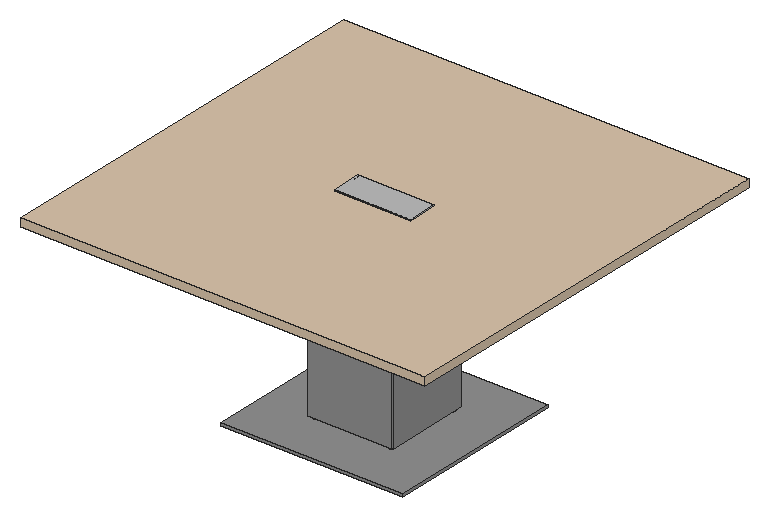
Revit family "Haworth_Planes_ColumnBaseConferenceTable_Square", category Furniture Systems, Revit 2018
Family settings
  Round Connector Dimension = Use Diameter
  Part Type = Normal
  OmniClass Number = 23.40.70.14.64.21
  OmniClass Title = Systems Furniture
  Work Plane-Based = No
  Always vertical = Yes
  Cut with Voids When Loaded = No
  Shared = No
  Room Calculation Point = No
Parameters (values of type "60d 60w 29h")
  Worksurface Finish [instance] = Haworth _ Laminate _ Maple H-AE
  Worksurface Edge Finish [instance] = Haworth _ Laminate _ Maple H-AE
  Width = 60"
  Warranty = "https://www.haworth.com/resources/product-info/warranties"
  URL - Product = "https://www.haworth.com/products/tables/conference/planes"
  Sustainability Info = "https://www.haworth.com/company-info/sustainability"
  Opening Single Wide = yes
  Opening Single = not(or(Opening Single Wide, Opening Double, Opening Double Wide))  # no
  Opening Double Wide = no
  Opening Double = no
  Model = "TARQ"  # constant formula
  Min. Depth = 36"  # constant formula
  Max. Depth = 60"  # constant formula
  Large Base = Actual Width > 36"  # yes
  URL = "www.haworth.com"
  Support Height = Actual Height - Table Thickness  # 27 13/16"
  Size = "Verify Final Dim. w/ Haworth"  # constant formula
  Revision Number = "1"  # constant formula
  Standard Widths = "36, 42, 48, 54, 60 in."  # constant formula
  Standard Heights = "21.25, 29, 41.25 in."  # constant formula
  Min. Width = 36"  # constant formula
  Max. Width = 60"  # constant formula
  Min. Height = 21 1/4"  # constant formula
  Max. Height = 41 1/4"  # constant formula
  Manufacturer = "Haworth"  # constant formula
  Knife Edge = not(Edgeband)  # no
  Height = 29"
  Frame Finish = Haworth _ Paint _ Graphite
  Fliptop Width = Cutout Width + 1/4"  # 11 1/4"
  Fliptop Depth = Cutout Depth + 3/8"  # 4 3/8"
  Flip Top Finish = Haworth _ Paint _ Metallic Champagne
  Flip Top = yes
  Edgeband = yes
  Description = "Haworth - Planes Column Base - Square - 60w 60d 29h"
  Depth = Width  # 60"
  Cutout Width = if(or(Opening Single Wide, Opening Double Wide), 11", 8")  # 11"
  Cutout Depth = if(or(Opening Double, Opening Double Wide), 7 11/16", 4")  # 4"
  Cutout = yes
  Custom Size = not(and(or(Width = 36", Width = 42", Width = 48", Width = 54", Width = 60"), or(Depth = 30", Depth = 36", Depth = 42", Depth = 48", Depth = 54", Depth = 60"), or(Height = 21 1/4", Height = 29", Height = 41 1/4")))  # no
  Base Finish = Haworth _ Paint _ Graphite
  Author = "Haworth (Alias)"  # constant formula
  Assembly Code = "E2020200"
  Actual Width = if(Depth > Max. Width, Max. Width, if(Depth < Min. Width, Min. Width, Depth))  # 60"
  Actual Height = if(Height > Max. Height, Max. Height, if(Height < Min. Height, Min. Height, Height))  # 29"
  Table Thickness = 1 3/16"  # constant formula
  Standard Depths = "36, 42, 48, 54, 60 in."  # constant formula
  Actual Depth = if(Width > Max. Depth, Max. Depth, if(Width < Min. Depth, Min. Depth, Width))  # 60"
Types (6): name | Width | Large Base | Description | Depth | Actual Width | Actual Depth
  (no name) | 60" | yes | "Haworth - Planes Column Base - Square - 60w 60d 29h" | 60" | 60" | 60"
  60d 60w 29h | 60" | yes | "Haworth - Planes Column Base - Square - 60w 60d 29h" | 60" | 60" | 60"
  54d 54w 29h | 54" | yes | "Haworth - Planes Column Base - Square - 54w 54d 29h" | 54" | 54" | 54"
  48d 48w 29h | 48" | yes | "Haworth - Planes Column Base - Square - 48w 48d 29h" | 48" | 48" | 48"
  42d 42w 29h | 42" | yes | "Haworth - Planes Column Base - Square - 42w 42d 29h" | 42" | 42" | 42"
  36d 36w 29h | 36" | no | "Haworth - Planes Column Base - Square - 36w 36d 29h" | 36" | 36" | 36"
Reference planes (in)
  plane 1 "Center F/B": y = -0.15866
  plane 2 "Floor": z = 0
  plane 3 "Center L/R": x = -15
  plane 4 "Table Edge Left": x = -45
  plane 5 "Table Edge Right": x = 15
  plane 6 "Table Edge Back": y = -30.15866
  plane 7 "Table Edge Front": y = 29.84134
  plane 8 "Table Bottom": z = 29
  plane 9 "masking region": z = 27.8125
Dimensions and locks (in)
  "Actual Depth": plane 7 "Table Edge Front" to plane 6 "Table Edge Back"
  "Actual Width": plane 4 "Table Edge Left" to plane 5 "Table Edge Right"
  equal spacing: plane 4 "Table Edge Left", plane 3 "Center L/R", plane 5 "Table Edge Right"
  equal spacing: plane 7 "Table Edge Front", plane 1 "Center F/B", plane 6 "Table Edge Back"
  "Actual Height": plane 8 "Table Bottom" to level
  "Table Thickness": plane 8 "Table Bottom" to plane 9 "masking region"
  aligned and locked: nested 1 to plane 3 "Center L/R"
  aligned and locked: plane 1 "Center F/B" to nested 1
  aligned and locked: plane 3 "Center L/R" to nested 2
  aligned and locked: plane 2 "Floor" to nested 1
  aligned and locked: plane 2 "Floor" to nested 3
  aligned and locked: plane 3 "Center L/R" to nested 3
  aligned and locked: plane 1 "Center F/B" to nested 3
Nested families (in)
  nested 1: "Haworth_Planes_ColumnBase_Part" at (-15, -3.78366, 0), type "Square"
    with Actual Height 27 13/16"
  nested 2: "Haworth_Worksurface_FlipTop_Unit_Part" at (-15.57037, -0.21114, 29), built-in parameter 1001364 <- "Actual Height", visible <- "Flip Top", type "Flip Top"
    with Actual Width 11 1/4"
  nested 3: "Haworth_Conference_Worksurface_Square_Part" at (-15, -15.15866, 0), type "Worksurface"
    with Thickness 1 3/16", Knife Edge no, Edgeband yes, Cutout Width 11", Actual Width 60", Actual Depth 60"
Definition of nested family "Haworth_Planes_ColumnBase_Part"
  Parameters (values of type "Square")
    Warranty = "http://www.haworth.com/resources/product-info/warranties"
    URL - Product = "http://www.haworth.com/products/tables/conference/planes"
    URL = "www.haworth.com"
    Trim Finish = none
    Top Gap = 1 1/2"  # constant formula
    Sustainability Info = "http://www.haworth.com/company-info/sustainablility"
    Support Finish = none
    Size = "Verify Final Dim. w/ Haworth"  # constant formula
    Revision Number = "2"  # constant formula
    Model = "Haworth - Planes - Enhanced Column Base - LIMITED"  # constant formula
    Min. Height = 27"  # constant formula
    Max. Height = 36"  # constant formula
    Manufacturer = "Haworth"  # constant formula
    Description = "Haworth - Planes - Enhanced Column Base - LIMITED"  # constant formula
    Column Frame Width 9 = no
    Column Frame Width 12 = yes
    Cladding Thickness = 1/8"  # constant formula
    Cladding Square = yes
    Cladding Round = no
    Cladding Radius = 8 1/2"  # constant formula
    Base Plate Square = yes
    Base Plate Round = no
    Base Plate Radius = 15"  # constant formula
    Base Height Offset = 3/8"  # constant formula
    Base Finish = none
    Base Depth Offset = 7 1/8"  # constant formula
    Author = "Haworth (Hampton)"  # constant formula
    Assembly Code = "E2020200"
    Actual Width = 12 3/4"  # constant formula
    Actual Height = 27 3/16"
    Actual Depth = 12 3/4"  # constant formula
  Types (2): name | Cladding Square | Cladding Round | Base Plate Square | Base Plate Round
    Square | yes | no | yes | no
    Round | no | yes | no | yes
  Reference planes (in)
    plane 1 "Center F/B": y = 3.625
    plane 2 "Bottom": z = 0
    plane 3 "Center L/R": x = 0
    plane 4 "Left": x = -6.375
    plane 5 "Right": x = 6.375
    plane 6 "Front": y = -2.75
    plane 7 "Top": z = 27.1875
    plane 8 "Back": y = 10
    plane 9: y = 9.25
    plane 10: x = 5.625
    plane 11: x = -5.625
    plane 12: y = -2
    plane 13 "Panel Top": z = 25.6875
    plane 14 "Base Plate Top": z = 0.375
    plane 15 "Panel Bottom": z = 0.75
    plane 16: x = -6.25
    plane 17: x = 6.25
    plane 18: y = 9.875
    plane 19: y = -2.625
    plane 20 "Plate Back": y = 17.125
    plane 21 "Plate Front": y = -9.875
    plane 22 "Plate Left": x = -13.5
    plane 23 "Plate Right": x = 13.5
    plane 24 "Angel 2": through (6.375, 10, 48) normal (0.7071, -0.7071, 0)
    plane 25 "Angel 1": through (-6.375, 10, 48) normal (0.7071, 0.7071, 0)
    plane 26: through (6.375, -2.75, 48) normal (-0.7071, -0.7071, 0)
    plane 27: through (6.375, 10, 48) normal (0.7071, -0.7071, 0)
    plane 28: through (-6.375, -2.75, 48) normal (-0.7071, 0.7071, 0)
    plane 29: through (6.375, -2.75, 48) normal (-0.7071, -0.7071, 0)
    plane 30: through (-6.375, 10, 48) normal (0.7071, 0.7071, 0)
    plane 31: through (-6.375, -2.75, 48) normal (-0.7071, 0.7071, 0)
  Forms (in)
    Extrusion 1, solid, material <- "Trim Finish", visible <- "Cladding Square"
      sketch origin (0, 0, 0) x (1, 0, 0) y (0, 1, 0)
        loop
          line (-6.375, 9.875) -> (-6.375, -2.625) -> (-6.25, -2.625) -> (-6.25, 9.875) -> (-6.375, 9.875)
      from 0.75 to 25.6875
    Extrusion 2, solid, material <- "Trim Finish", visible <- "Cladding Square"
      sketch origin (0, 0, 0) x (1, 0, 0) y (0, 1, 0)
        loop
          line (-6.25, 10) -> (-6.25, 9.875) -> (6.25, 9.875) -> (6.25, 10) -> (-6.25, 10)
      from 0.75 to 25.6875
    Extrusion 3, solid, material <- "Trim Finish", visible <- "Cladding Square"
      sketch origin (0, 0, 0) x (1, 0, 0) y (0, 1, 0)
        loop
          line (6.25, 9.875) -> (6.25, -2.625) -> (6.375, -2.625) -> (6.375, 9.875) -> (6.25, 9.875)
      from 0.75 to 25.6875
    Extrusion 4, solid, material <- "Trim Finish", visible <- "Cladding Square"
      sketch origin (0, 0, 0) x (1, 0, 0) y (0, 1, 0)
        loop
          line (-6.25, -2.625) -> (-6.25, -2.75) -> (6.25, -2.75) -> (6.25, -2.625) -> (-6.25, -2.625)
      from 0.75 to 25.6875
    Extrusion 5, solid, material <- "Support Finish"
      sketch origin (0, 0, 0) x (1, 0, 0) y (0, 1, 0)
        loop
          circle (-5.625, 9.25) r 0.375
        loop
          circle (5.625, 9.25) r 0.375
        loop
          circle (5.625, -2) r 0.375
        loop
          circle (-5.625, -2) r 0.375
      from 0.375 to 27.1875
    Extrusion 6, solid, material <- "Base Finish", visible <- "Base Plate Square"
      sketch origin (0, 0, 0) x (1, 0, 0) y (0, 1, 0)
        loop
          line (-13.5, 17.125) -> (-13.5, -9.875) -> (13.5, -9.875) -> (13.5, 17.125) -> (-13.5, 17.125)
      from 0 to 0.375
    Extrusion 7, solid, material <- "Base Finish", visible <- "Base Plate Round"
      sketch origin (0, 0, 0) x (1, 0, 0) y (0, 1, 0)
        loop
          circle (0, 3.625) r 15
      from 0 to 0.375
    Extrusion 8, solid, material <- "Trim Finish", visible <- "Cladding Round"
      sketch origin (0, 0, 0) x (1, 0, 0) y (0, 1, 0)
        loop
          arc (-6.01041, 9.63541) -> (0, 12.125) -> (6.01041, 9.63541) r 8.5
          line (6.01041, 9.63541) -> (6.01041, 9.81092)
          arc (6.01041, 9.81092) -> (0, 12.25) -> (-6.01041, 9.81092) r 8.625
          line (-6.01041, 9.81092) -> (-6.01041, 9.63541)
      from 0.75 to 25.6875
    Extrusion 9, solid, material <- "Trim Finish", visible <- "Cladding Round"
      sketch origin (-3.625, 3.625, 0) x (0, -1, 0) y (1, 0, 0)
        loop
          arc (-6.01041, 9.63541) -> (0, 12.125) -> (6.01041, 9.63541) r 8.5
          line (6.01041, 9.63541) -> (6.01041, 9.81092)
          arc (6.01041, 9.81092) -> (0, 12.25) -> (-6.01041, 9.81092) r 8.625
          line (-6.01041, 9.81092) -> (-6.01041, 9.63541)
      from 0.75 to 25.6875
    Extrusion 10, solid, material <- "Trim Finish", visible <- "Cladding Round"
      sketch origin (0, 7.25, 0) x (-1, 0, 0) y (0, -1, 0)
        loop
          arc (-6.01041, 9.63541) -> (0, 12.125) -> (6.01041, 9.63541) r 8.5
          line (6.01041, 9.63541) -> (6.01041, 9.81092)
          arc (6.01041, 9.81092) -> (0, 12.25) -> (-6.01041, 9.81092) r 8.625
          line (-6.01041, 9.81092) -> (-6.01041, 9.63541)
      from 0.75 to 25.6875
    Extrusion 11, solid, material <- "Trim Finish", visible <- "Cladding Round"
      sketch origin (3.625, 3.625, 0) x (0, 1, 0) y (-1, 0, 0)
        loop
          arc (-6.01041, 9.63541) -> (0, 12.125) -> (6.01041, 9.63541) r 8.5
          line (6.01041, 9.63541) -> (6.01041, 9.81092)
          arc (6.01041, 9.81092) -> (0, 12.25) -> (-6.01041, 9.81092) r 8.625
          line (-6.01041, 9.81092) -> (-6.01041, 9.63541)
      from 0.75 to 25.6875
  Lines and regions (in)
    symbolic lines, visible <- "Base Plate Square", detail levels medium+fine
      curve 1: line (-13.5, 17.125, 0) -> (13.5, 17.125, 0)
      curve 2: line (13.5, 17.125, 0) -> (13.5, -9.875, 0)
      curve 3: line (13.5, -9.875, 0) -> (-13.5, -9.875, 0)
      curve 4: line (-13.5, -9.875, 0) -> (-13.5, 17.125, 0)
    symbolic lines, visible <- "Cladding Square", detail levels medium+fine
      curve 5: line (-6.375, 10, 0) -> (6.375, 10, 0)
      curve 6: line (6.375, 10, 0) -> (6.375, -2.75, 0)
      curve 7: line (6.375, -2.75, 0) -> (-6.375, -2.75, 0)
      curve 8: line (-6.375, -2.75, 0) -> (-6.375, 10, 0)
    model lines, visible <- "Base Plate Round"
      curve 9: circle (0, 3.625, 0) r 15 normal (0, 0, 1)
    symbolic lines, visible <- "Base Plate Round", detail levels medium+fine
      curve 10: circle (0, 3.625, 0) r 8.5 normal (0, 0, 1)
  Dimensions and locks (in)
    equal spacing: plane 8 "Back", plane 1 "Center F/B", plane 6 "Front"
    "Actual Depth": plane 8 "Back" to plane 6 "Front"
    equal spacing: plane 4 "Left", plane 3 "Center L/R", plane 5 "Right"
    "Actual Width": plane 4 "Left" to plane 5 "Right"
    "Actual Height": plane 7 "Top" to level
    locked: plane 4 "Left" to plane 11 at 0.75
    locked: plane 10 to plane 5 "Right" at 0.75
    locked: plane 8 "Back" to plane 9 at 0.75
    locked: plane 12 to plane 6 "Front" at 0.75
    "Base Height Offset": plane 14 "Base Plate Top" to level
    "Base Height Offset": plane 15 "Panel Bottom" to plane 14 "Base Plate Top"
    "Top Gap": plane 7 "Top" to plane 13 "Panel Top"
    "Base Depth Offset": plane 22 "Plate Left" to plane 4 "Left"
    "Base Depth Offset": plane 5 "Right" to plane 23 "Plate Right"
    "Base Depth Offset": plane 21 "Plate Front" to plane 6 "Front"
    "Base Depth Offset": plane 20 "Plate Back" to plane 8 "Back"
    "Cladding Thickness": plane 8 "Back" to plane 18
    "Cladding Thickness": plane 19 to plane 6 "Front"
    "Cladding Thickness": plane 4 "Left" to plane 16
    "Cladding Thickness": plane 17 to plane 5 "Right"
    "Base Plate Radius": radius of Extrusion 7 sketch curve
    "Base Plate Radius": radius of curve 9
    "Cladding Radius": radius of Extrusion 8 sketch curve
    "Cladding Radius": radius of curve 10
    "Cladding Radius": radius of Extrusion 9 sketch curve
    "Cladding Radius": radius of Extrusion 10 sketch curve
    "Cladding Radius": radius of Extrusion 11 sketch curve
    aligned and locked: Extrusion 1 sketch curve to plane 19
    aligned and locked: plane 4 "Left" to Extrusion 1 sketch curve
    aligned and locked: Extrusion 1 sketch curve to plane 16
    aligned and locked: Extrusion 1 sketch curve to plane 18
    aligned and locked: Extrusion 2 sketch curve to plane 8 "Back"
    aligned and locked: plane 18 to Extrusion 2 sketch curve
    aligned and locked: plane 16 to Extrusion 2 sketch curve
    aligned and locked: plane 17 to Extrusion 2 sketch curve
    aligned and locked: Extrusion 3 sketch curve to plane 19
    aligned and locked: Extrusion 3 sketch curve to plane 18
    aligned and locked: Extrusion 3 sketch curve to plane 17
    aligned and locked: plane 5 "Right" to Extrusion 3 sketch curve
    aligned and locked: plane 16 to Extrusion 4 sketch curve
    aligned and locked: plane 17 to Extrusion 4 sketch curve
    aligned and locked: plane 19 to Extrusion 4 sketch curve
    aligned and locked: plane 6 "Front" to Extrusion 4 sketch curve
    aligned and locked: plane 13 "Panel Top" to Extrusion 4
    aligned and locked: Extrusion 4 to plane 15 "Panel Bottom"
    aligned and locked: plane 13 "Panel Top" to Extrusion 2
    aligned and locked: Extrusion 2 to plane 15 "Panel Bottom"
    aligned and locked: Extrusion 1 to plane 15 "Panel Bottom"
    aligned and locked: plane 13 "Panel Top" to Extrusion 1
    aligned and locked: Extrusion 3 to plane 15 "Panel Bottom"
    aligned and locked: plane 13 "Panel Top" to Extrusion 3
    aligned and locked: Extrusion 5 to plane 14 "Base Plate Top"
    aligned and locked: plane 7 "Top" to Extrusion 5
    aligned and locked: plane 22 "Plate Left" to Extrusion 6 sketch curve
    aligned and locked: Extrusion 6 sketch curve to plane 21 "Plate Front"
    aligned and locked: plane 23 "Plate Right" to Extrusion 6 sketch curve
    aligned and locked: Extrusion 6 sketch curve to plane 20 "Plate Back"
    aligned and locked: Extrusion 6 to plane 2 "Bottom"
    aligned and locked: Extrusion 6 to plane 14 "Base Plate Top"
    aligned and locked: curve 1 to plane 20 "Plate Back"
    aligned and locked: plane 22 "Plate Left" to curve 4
    aligned and locked: curve 3 to plane 21 "Plate Front"
    aligned and locked: plane 23 "Plate Right" to curve 2
    aligned and locked: plane 5 "Right" to curve 6
    aligned and locked: curve 5 to plane 8 "Back"
    aligned and locked: plane 4 "Left" to curve 8
    aligned and locked: plane 6 "Front" to curve 7
    aligned and locked: Extrusion 7 to plane 2 "Bottom"
    aligned and locked: Extrusion 7 to plane 14 "Base Plate Top"
    aligned and locked: plane 13 "Panel Top" to Extrusion 8
    aligned and locked: Extrusion 8 to plane 15 "Panel Bottom"
    aligned and locked: Extrusion 11 to plane 15 "Panel Bottom"
    aligned and locked: Extrusion 10 to plane 15 "Panel Bottom"
    aligned and locked: Extrusion 9 to plane 15 "Panel Bottom"
    aligned and locked: plane 13 "Panel Top" to Extrusion 11
    aligned and locked: plane 13 "Panel Top" to Extrusion 10
    aligned and locked: plane 13 "Panel Top" to Extrusion 9
    aligned and locked: Extrusion 11 to Extrusion 1  (x2)
    aligned and locked: Extrusion 2 to Extrusion 10  (x2)
    aligned and locked: Extrusion 9 to Extrusion 2
    aligned and locked: Extrusion 2 to Extrusion 9
    aligned and locked: Extrusion 2 to Extrusion 8  (x2)
    aligned and locked: Extrusion 4 to Extrusion 1
    aligned and locked: Extrusion 1 to Extrusion 4
  Automatic sketch dimensions
    Extrusion 5 sketch curve to plane 11 = 0"  (x2)
    Extrusion 5 sketch curve to plane 9 = 0"  (x2)
    Extrusion 5 sketch curve to plane 10 = 0"  (x2)
    Extrusion 5 sketch curve to plane 12 = 0"  (x2)
    curve 9 to curve 10 = 0"  (x2)
    plane 1 "Center F/B" to curve 9 = 0"
    curve 9 to plane 3 "Center L/R" = 0"
    plane 1 "Center F/B" to Extrusion 7 sketch curve = 0"
    Extrusion 7 sketch curve to plane 3 "Center L/R" = 0"
    Extrusion 8 sketch curve to Extrusion 8 sketch curve = 0"  (x2)
    plane 25 "Angel 1" to Extrusion 8 sketch curve = 0"
    plane 1 "Center F/B" to Extrusion 8 sketch curve = 0"
    Extrusion 8 sketch curve to plane 3 "Center L/R" = 0"
    plane 24 "Angel 2" to Extrusion 8 sketch curve = 0"
    Extrusion 8 sketch curve to plane 18 = 0.06408"
    Extrusion 9 sketch curve to Extrusion 9 sketch curve = 0"  (x2)
    Extrusion 9 sketch curve to plane 27 = 0"
    plane 1 "Center F/B" to Extrusion 9 sketch curve = 0"
    plane 26 to Extrusion 9 sketch curve = 0"
    Extrusion 9 sketch curve to plane 3 "Center L/R" = 0"
    plane 17 to Extrusion 9 sketch curve = 0.06408"
    Extrusion 10 sketch curve to Extrusion 10 sketch curve = 0"  (x2)
    Extrusion 10 sketch curve to plane 29 = 0"
    plane 1 "Center F/B" to Extrusion 10 sketch curve = 0"
    Extrusion 10 sketch curve to plane 3 "Center L/R" = 0"
    Extrusion 10 sketch curve to plane 28 = 0"
    Extrusion 10 sketch curve to plane 19 = 0.06408"
    Extrusion 11 sketch curve to Extrusion 11 sketch curve = 0"  (x2)
    plane 31 to Extrusion 11 sketch curve = 0"
    plane 1 "Center F/B" to Extrusion 11 sketch curve = 0"
    Extrusion 11 sketch curve to plane 30 = 0"
    Extrusion 11 sketch curve to plane 3 "Center L/R" = 0"
    plane 16 to Extrusion 11 sketch curve = 0.06408"
    radius of Extrusion 5 sketch curve = 3/8"  (x4)
Definition of nested family "Haworth_Worksurface_FlipTop_Unit_Part"
  Parameters (values of type "Flip Top")
    Warranty = "https://www.haworth.com/resources/product-info/warranties"
    URL - Product = "https://www.haworth.com/products/tables/conference/planes"
    URL = "www.haworth.com"
    Sustainability Info = "https://www.haworth.com/company-info/sustainability"
    Size = "Verify Final Dim. w/ Haworth"  # constant formula
    Revision Number = "2"  # constant formula
    Model = "Haworth_Worksurface-Flip_Top_Unit"  # constant formula
    Manufacturer = "Haworth"  # constant formula
    LEED Data = "www.haworth.com/_layouts/Haworth.ProductCatalog/Handlers/GetAsset.ashx/ComposeLEEDContributions.pdf?cid=27&rid=1824&type=Leed"
    Flip Top Finish = none
    Description = "Haworth Worksurface-Flip Top Unit - Part"
    Default Elevation = 48"
    Author = "Haworth (Alias), SHAPE Environments, LLC"  # constant formula
    Assembly Code = "E2020200"
    Actual Width = 8 1/4"
    Actual Depth = 4 3/8"
  Reference planes (in)
    plane 1 "Center F/B": y = 0.05249
    plane 2: z = 0
    plane 3 "Center L/R": x = 0.57037
    plane 4 "Back": y = 2.23999
    plane 5 "Right": x = 4.69537
    plane 6 "Front": y = -2.13501
    plane 7 "Left": x = -3.55463
    plane 8 "Table Height": z = 0
  Forms (in)
    Extrusion 1, solid, material <- "Flip Top Finish"
      sketch origin (0, 0, 0) x (-1, 0, 0) y (0, -1, 0)
        loop
          line (3.55463, -2.23999) -> (3.55463, 2.13501) -> (-4.69537, 2.13501) -> (-4.69537, -2.23999) -> (3.55463, -2.23999)
      from 0 to 0.125
    Extrusion 2, solid, material <- "Flip Top Finish"
      sketch origin (0, 0, 0) x (-1, 0, 0) y (0, -1, 0)
        loop
          line (3.42963, -2.05249) -> (3.42963, 1.94751) -> (-4.57037, 1.94751) -> (-4.57037, -2.05249) -> (3.42963, -2.05249)
      from 0 to -2.75
  Cuts and joins
    joined: Extrusion 1, Extrusion 2
  Lines and regions (in)
    Masking region 1
      outline origin (0, 0, 0) x (1, 0, 0) y (0, 1, 0)
        loop
          line (-3.55463, 2.23999) -> (-3.55463, -2.13501) -> (4.69537, -2.13501) -> (4.69537, 2.23999) -> (-3.55463, 2.23999)
  Dimensions and locks (in)
    equal spacing: plane 7 "Left", plane 3 "Center L/R", plane 5 "Right"
    "Actual Width": plane 7 "Left" to plane 5 "Right"
    equal spacing: plane 6 "Front", plane 1 "Center F/B", plane 4 "Back"
    "Actual Depth": plane 4 "Back" to plane 6 "Front"
    plane 7 "Left" to Extrusion 2 sketch curve = 1/8"
    plane 4 "Back" to Extrusion 2 sketch curve = 3/16"
    Extrusion 2 sketch curve to plane 5 "Right" = 1/8"
    Extrusion 2 sketch curve to plane 6 "Front" = 3/16"
    locked: plane 8 "Table Height" to level
    aligned and locked: plane 7 "Left" to Extrusion 1 sketch curve
    aligned and locked: Extrusion 1 sketch curve to plane 4 "Back"
    aligned and locked: plane 6 "Front" to Extrusion 1 sketch curve
    aligned and locked: Extrusion 1 sketch curve to plane 5 "Right"
    aligned and locked: Masking region 1 sketch curve to cut or joined group of Extrusion 1, Extrusion 2  (x3)
    aligned and locked: cut or joined group of Extrusion 1, Extrusion 2 to Masking region 1 sketch curve
Definition of nested family "Haworth_Conference_Worksurface_Square_Part"
  Parameters (values of type "Worksurface")
    Warranty = "http://www.haworth.com/resources/product-info/warranties"
    URL - Product = "https://www.haworth.com/products/tables/conference/planes"
    URL = "www.haworth.com"
    Thickness = 1 1/2"
    Table Finish = none
    Table Edge Finish = none
    Size = "Verify Final Dim. w/ Haworth"  # constant formula
    Revision Number = ""
    Model = "Haworth Planes"  # constant formula
    Manufacturer = "Haworth"  # constant formula
    Knife Edge = yes
    Edgeband = no
    Description = "Haworth Planes Conference Worksurface - Part"
    Cutout Width = 8"
    Cutout Dimension = if(Cutout, 3", 1")  # 3"
    Cutout Depth = 4"
    Cutout = yes
    Author = "Haworth (Alias)"  # constant formula
    Assembly Code = ""
    Actual Width = 48"
    Actual Height = 29"
    Actual Depth = 48"
  Reference planes (in)
    plane 1 "Center F/B": y = 15
    plane 2: z = 0
    plane 3 "Center L/R": x = 0
    plane 4 "Table Front": y = 39
    plane 5 "Table Right": x = 24
    plane 6 "Table Left": x = -24
    plane 7 "Table Back": y = -9
    plane 8 "Table Top": z = 29
    plane 9 "Table Bottom": z = 27.5
    plane 10 "Knife Edge Middle": z = 28.625
    plane 11 "Support Right": x = 4
    plane 12 "Support Left": x = -4
    plane 13 "Support Front": y = 13
    plane 14 "Support BAck": y = 17
    plane 15 "Support Bottom": z = 27
    plane 16 "Cutout Top": z = 30
  Forms (in)
    Extrusion 1, solid, material <- "Table Finish", visible <- "Edgeband"
      sketch origin (0, 0, 0) x (1, 0, 0) y (0, 1, 0)
        loop
          line (-24, 39) -> (-24, -9) -> (24, -9) -> (24, 39) -> (-24, 39)
      from 27.5 to 29
    Extrusion 2, solid, material <- "Table Finish", visible <- "Knife Edge"
      sketch origin (0, 0, 0) x (1, 0, 0) y (0, 1, 0)
        loop
          line (-24, 39) -> (-24, -9) -> (24, -9) -> (24, 39) -> (-24, 39)
      from 29 to 28.625
    Blend 3, solid, material <- "Table Finish", visible <- "Knife Edge"
      base sketch origin (0, 0, 0) x (1, 0, 0) y (0, 1, 0)
        loop
          line (-22, 37) -> (-22, -7) -> (22, -7) -> (22, 37) -> (-22, 37)
      top sketch origin (0, 0, 0) x (1, 0, 0) y (0, 1, 0)
        loop
          line (-24, 39) -> (-24, -9) -> (24, -9) -> (24, 39) -> (-24, 39)
      from 27.5 to 28.625
    Extrusion 4, void
      sketch origin (0, 0, 0) x (1, 0, 0) y (0, 1, 0)
        loop
          line (-4, 17) -> (-4, 13) -> (4, 13) -> (4, 17) -> (-4, 17)
      from 27 to 30
  Cuts and joins
    Extrusion 4 cuts Extrusion 2
    Extrusion 4 cuts Blend 3
    joined: Extrusion 2, Blend 3
    Extrusion 4 cuts Extrusion 1
  Lines and regions (in)
    Masking region 1
      outline origin (0, 0, 0) x (1, 0, 0) y (0, 1, 0)
        loop
          line (-24, 39) -> (-24, -9) -> (24, -9) -> (24, 39) -> (-24, 39)
    symbolic lines, visible <- "Cutout", detail levels medium+fine
      curve 1: line (-4, 17, 0) -> (4, 17, 0)
      curve 2: line (-4, 13, 0) -> (-4, 17, 0)
      curve 3: line (4, 13, 0) -> (-4, 13, 0)
      curve 4: line (4, 17, 0) -> (4, 13, 0)
    symbolic lines, visible <- "Knife Edge", detail levels medium+fine
      curve 5: line (-22, 37, 0) -> (22, 37, 0)
      curve 6: line (-22, -7, 0) -> (-22, 37, 0)
      curve 7: line (22, -7, 0) -> (-22, -7, 0)
      curve 8: line (22, 37, 0) -> (22, -7, 0)
  Dimensions and locks (in)
    "Actual Depth": plane 7 "Table Back" to plane 4 "Table Front"
    "Actual Width": plane 6 "Table Left" to plane 5 "Table Right"
    equal spacing: plane 6 "Table Left", plane 3 "Center L/R", plane 5 "Table Right"
    equal spacing: plane 4 "Table Front", plane 1 "Center F/B", plane 7 "Table Back"
    "Thickness": plane 8 "Table Top" to plane 9 "Table Bottom"
    "Actual Height": plane 8 "Table Top" to level
    locked: plane 8 "Table Top" to plane 10 "Knife Edge Middle" at 0.375
    locked: Blend 3 sketch curve to plane 5 "Table Right" at 2
    locked: plane 6 "Table Left" to Blend 3 sketch curve at 2
    locked: Blend 3 sketch curve to plane 7 "Table Back" at 2
    locked: Blend 3 sketch curve to plane 4 "Table Front" at 2
    equal spacing: plane 14 "Support BAck", plane 1 "Center F/B", plane 13 "Support Front"
    "Cutout Depth": plane 14 "Support BAck" to plane 13 "Support Front"
    equal spacing: plane 12 "Support Left", plane 3 "Center L/R", plane 11 "Support Right"
    "Cutout Width": plane 12 "Support Left" to plane 11 "Support Right"
    "Cutout Dimension": plane 16 "Cutout Top" to plane 15 "Support Bottom"
    locked: plane 16 "Cutout Top" to plane 8 "Table Top" at 1
    aligned and locked: plane 8 "Table Top" to Extrusion 1
    aligned and locked: Extrusion 1 to plane 9 "Table Bottom"
    aligned and locked: cut or joined group of Extrusion 2, Blend 3, Extrusion 4 to plane 10 "Knife Edge Middle"
    aligned and locked: plane 8 "Table Top" to cut or joined group of Extrusion 2, Blend 3, Extrusion 4
    aligned and locked: Blend 3 to plane 10 "Knife Edge Middle"
    aligned and locked: Blend 3 to plane 9 "Table Bottom"
    aligned and locked: Extrusion 4 sketch curve to plane 11 "Support Right"
    aligned and locked: Extrusion 4 sketch curve to plane 14 "Support BAck"
    aligned and locked: Extrusion 4 sketch curve to plane 12 "Support Left"
    aligned and locked: Extrusion 4 sketch curve to plane 13 "Support Front"
    aligned and locked: plane 15 "Support Bottom" to Extrusion 4
    aligned and locked: plane 13 "Support Front" to Extrusion 4
    aligned and locked: curve 4 to plane 11 "Support Right"
    aligned and locked: curve 3 to plane 13 "Support Front"
    aligned and locked: curve 1 to plane 14 "Support BAck"
    aligned and locked: curve 2 to plane 12 "Support Left"
    aligned and locked: Extrusion 1 sketch curve to plane 5 "Table Right"
    aligned and locked: Extrusion 1 sketch curve to plane 4 "Table Front"
    aligned and locked: plane 6 "Table Left" to Extrusion 1 sketch curve
    aligned and locked: Extrusion 1 sketch curve to plane 7 "Table Back"
    aligned and locked: Extrusion 2 sketch curve to plane 7 "Table Back"
    aligned and locked: Extrusion 2 sketch curve to plane 5 "Table Right"
    aligned and locked: Extrusion 2 sketch curve to plane 4 "Table Front"
    aligned and locked: plane 6 "Table Left" to Extrusion 2 sketch curve
    aligned and locked: Blend 3 sketch curve to plane 7 "Table Back"
    aligned and locked: Blend 3 sketch curve to plane 5 "Table Right"
    aligned and locked: Blend 3 sketch curve to plane 4 "Table Front"
    aligned and locked: plane 6 "Table Left" to Blend 3 sketch curve
    aligned and locked: Masking region 1 sketch curve to plane 7 "Table Back"
    aligned and locked: Masking region 1 sketch curve to plane 5 "Table Right"
    aligned and locked: Masking region 1 sketch curve to plane 4 "Table Front"
    aligned and locked: plane 6 "Table Left" to Masking region 1 sketch curve
    aligned and locked: curve 5 to cut or joined group of Extrusion 2, Blend 3, Extrusion 4
    aligned and locked: curve 6 to cut or joined group of Extrusion 2, Blend 3, Extrusion 4
    aligned and locked: curve 7 to cut or joined group of Extrusion 2, Blend 3, Extrusion 4
    aligned and locked: curve 8 to cut or joined group of Extrusion 2, Blend 3, Extrusion 4
    aligned and locked: plane 16 "Cutout Top" to Extrusion 4
